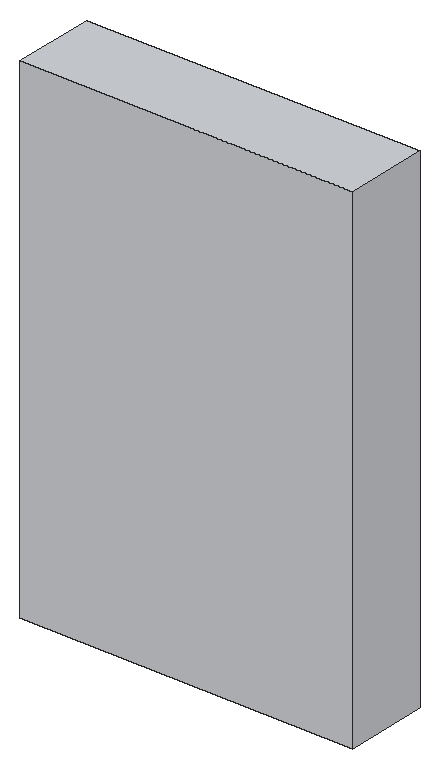
Revit family "RTS_Switchboard", category Electrical Equipment, Revit 2024
Family settings
  Round Connector Dimension = Use Diameter
  Part Type = Switchboard
  OmniClass Number = 23.80.30.11.17
  OmniClass Title = Distribution Boards and Control Panels
  Work Plane-Based = Yes
  Always vertical = Yes
  Cut with Voids When Loaded = No
  Maintain Annotation Orientation = No
  Shared = No
  Room Calculation Point = No
Parameters
  Voltage = ""
  Switchboard Width [instance] = 800 mm
  Switchboard Voltage = 400 V
  Switchboard Offset [instance] = 400 mm
  Switchboard Height [instance] = 1200 mm
  Switchboard Depth [instance] = 200 mm
  built-in parameter 1140142 [instance] = -1
  Number of Poles = 3
  built-in parameter 1140145 = 1
  built-in parameter 1155150 [instance] = (empty or 0)
  built-in parameter 1140140 [instance] = 1 (stored number, unit not read)
  Load Classification = Power
  Half Switchboard Length [instance] = 0.5 * Switchboard Width  # 400 mm
  built-in parameter 1155100 [instance] = -1
  Designation [instance] = "SB-XXX"
  Default Elevation = 1219.2 mm
Reference planes
  plane 1 "Centre (Front/Back)": y = 0
  plane 2: z = 0
  plane 3: y = 200
  plane 4: x = -400
  plane 5: x = 400
  plane 6: z = 1600
  plane 7: z = 400
Forms (mm)
  Extrusion 1, solid
    sketch origin (0, 0, 0) x (1, 0, 0) y (0, 1, 0)
      loop
        line (-400, 0) -> (400, 0) -> (400, 200) -> (-400, 200) -> (-400, 0)
    from 400 to 1600
Lines and regions (mm)
  symbolic lines
    curve 1: line (-400, 0, 0) -> (400, 0, 0)
    curve 2: line (400, 200, 0) -> (-400, 0, 0)
    curve 3: line (-400, 0, 0) -> (-400, 200, 0)
    curve 4: line (400, 200, 0) -> (-400, 200, 0)
    curve 5: line (400, 200, 0) -> (400, 0, 0)
Dimensions and locks
  "Switchboard Depth": plane 3 to plane 1 "Centre (Front/Back)"
  "Switchboard Width": plane 4 to plane 5
  "Switchboard Offset": plane 7 to level
  "Switchboard Height": plane 6 to plane 7
  aligned and locked: plane 4 to Extrusion 1 sketch curve
  aligned and locked: plane 1 "Centre (Front/Back)" to Extrusion 1 sketch curve
  aligned and locked: plane 5 to Extrusion 1 sketch curve
  aligned and locked: Extrusion 1 to plane 3
  aligned and locked: plane 6 to Extrusion 1
  aligned and locked: curve 5 to plane 5
  aligned and locked: plane 3 to curve 4
  aligned and locked: curve 3 to plane 4
  aligned and locked: nested 1 to plane 5
  aligned and locked: Extrusion 1 to plane 7
  aligned and locked: plane 1 "Centre (Front/Back)" to nested 1
  aligned and locked: plane 3 to nested 1
Automatic sketch dimensions
  plane 3 to Extrusion 1 sketch curve = 0 mm
  plane 1 "Centre (Front/Back)" to curve 1 = 0 mm
Nested families
  nested 1: "E_Electrical Switchboard" at (-400, 0, 0), type "E_Electrical Switchboard"
    with Switchboard Width 800 mm, Switchboard Depth 200 mm, built-in parameter 1001306 2.6247 (stored number, unit not read)
Connectors
  electrical at (0, 100, 1600)
    settings: on Extrusion 1, index 1, voltage 0 V, apparent load 0 VA, apparent load phase1 0 VA, apparent load phase2 0 VA, apparent load phase3 0 VA, power factor 1, load classification "Other", number of poles 3, system type 31, power factor state 1, is connector primary yes, connector utility no, sub classification motor no, connector description ""
Definition of nested family "E_Electrical Switchboard"
  Parameters
    Switchboard Width [instance] = 800 mm
    Switchboard Depth [instance] = 400 mm
    built-in parameter 1001306 [instance] = 1200 mm
  Reference planes
    plane 1 "Center (Front/Back)": y = 0
    plane 2: z = 0
    plane 3 "Left": x = 0
    plane 4 "Right": x = 1200
    plane 5: y = 400
    plane 6: x = 800
  Lines and regions (mm)
    Filled region 1, type "Solid Fill - Black", in view "Ref. Level"
      outline origin (0, 0, 0) x (1, 0, 0) y (0, 1, 0)
        loop
          line (0, 0) -> (800, 0) -> (800, 400) -> (0, 0)
    reference lines, in view "Ref. Level"
      curve 1: line (0, 0, 0) -> (1200, 0, 0)
  Dimensions and locks
    "built-in parameter 1001306": plane 3 "Left" to plane 4 "Right"
    "Switchboard Width": plane 3 "Left" to plane 6
    "Switchboard Depth": plane 1 "Center (Front/Back)" to plane 5
    aligned and locked: plane 3 "Left" to curve 1
    aligned and locked: plane 4 "Right" to curve 1
    aligned and locked: plane 6 to Filled region 1
    aligned and locked: plane 1 "Center (Front/Back)" to Filled region 1
    aligned and locked: plane 5 to Filled region 1 sketch curve
  Automatic sketch dimensions
    plane 1 "Center (Front/Back)" to Filled region 1 sketch curve = 0 mm
    Filled region 1 sketch curve to plane 3 "Left" = 0 mm
    Filled region 1 sketch curve to plane 6 = 0 mm
    plane 1 "Center (Front/Back)" to curve 1 = 0 mm
